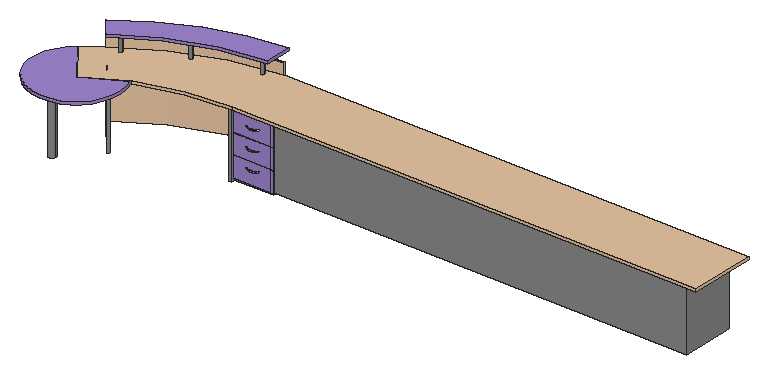
Revit family
Parameters (values of type "Desk - Reception")
  Material Frame = Metal - Paint Grey
  Material Draws and Tops = Paint - Violet
  Material Desk = Wood - Cherry
  Keynote = "N"
  Assembly Code = "E2020200"
  Counter Top = 1000 mm
  Table Height = 760 mm
Reference planes
  plane 1 "Center F/B": y = 0
  plane 2: z = 0
  plane 3 "Center L/R": x = 0
  plane 4: x = -1750
  plane 5: y = 740
  plane 6: x = 450
  plane 7 "Table \top": z = 760
  plane 8: z = 730
  plane 9: through (-681.418, 888.744, 0) normal (0.6085, -0.7936, 0)
  plane 10: y = 515
  plane 11: y = 815
  plane 12: z = 1000
  plane 13: z = 970
  plane 14: z = 885
  plane 15: z = 0
  plane 16: z = 30
  plane 17: y = 40
  plane 18: z = 263.333
  plane 19: z = 496.667
  plane 20 "Bottom Handle": z = 188.333
  plane 21: x = 225
  plane 22: x = 155
  plane 23: x = 295
  plane 24: z = 421.667
  plane 25: z = 655
  plane 26: x = 225
  plane 27: x = 155
  plane 28: x = 295
  plane 29: x = 225
  plane 30: x = 155
  plane 31: x = 295
  plane 32: z = 268.333
  plane 33: z = 501.667
Forms (mm)
  Extrusion 1, solid, material "Paint - Violet" <- "Material Draws and Tops"
    sketch origin (0, 0, 0) x (1, 0, 0) y (0, 1, 0)
      loop
        arc (-1750, 0) -> (-1567.486, -881.752) -> (-990.226, -190.689) r 500
        arc (-990.226, -190.689) -> (-1211.934, -298.545) -> (-1421.433, -428.536) r 2404.699
        line (-1421.433, -428.536) -> (-1750, 0)
    from 730 to 760
  Extrusion 2, solid, material "Wood - Cherry" <- "Material Desk"
    sketch origin (0, 0, 0) x (1, 0, 0) y (0, 1, 0)
      loop
        arc (0, 740) -> (-935.131, 512.203) -> (-1750, 0) r 3000
        line (-1750, 0) -> (-1421.433, -428.536)
        arc (-1421.433, -428.536) -> (-744.616, -101.826) -> (0, 0) r 2404.699
        line (0, 0) -> (0, 740)
    from 730 to 760
  Extrusion 3, solid, material "Paint - Violet" <- "Material Draws and Tops"
    sketch origin (0, 0, 0) x (1, 0, 0) y (0, 1, 0)
      loop
        arc (0, 815) -> (-844.129, 631.445) -> (-1588.573, 193.209) r 2728.559
        line (-1588.573, 193.209) -> (-1429.073, 0.355)
        arc (-1429.073, 0.355) -> (-752.954, 364.355) -> (0, 515) r 2600.156
        line (0, 515) -> (0, 815)
    from 970 to 1000
  Extrusion 4, solid, material "Metal - Paint Grey" <- "Material Frame"
    sketch origin (0, 0, 0) x (1, 0, 0) y (0, 1, 0)
      loop
        circle (-1399.099, 175.163) r 20
      loop
        circle (-162.557, 651.832) r 20
      loop
        circle (-837.953, 472.7) r 20
    from 760 to 970
  Extrusion 5, solid, material "Wood - Cherry" <- "Material Desk"
    sketch origin (0, 0, 0) x (1, 0, 0) y (0, 1, 0)
      loop
        line (0, 740) -> (0, 765)
        arc (0, 765) -> (-829.824, 586.473) -> (-1573.121, 176.607) r 2917.014
        line (-1573.121, 176.607) -> (-1558.36, 155.335)
        arc (-1558.36, 155.335) -> (-820.539, 557.905) -> (0, 740) r 3000
    from 0 to 885
  Extrusion 6, solid, material "Metal - Paint Grey" <- "Material Frame"
    sketch origin (0, 0, 0) x (1, 0, 0) y (0, 1, 0)
      loop
        line (0, 0) -> (0, 740) -> (-30, 740) -> (-30, 0) -> (0, 0)
      loop
        line (-1557.673, 155.847) -> (-1191.212, -287.247) -> (-1168.094, -268.128) -> (-1533.502, 173.693) -> (-1557.673, 155.847)
    from 0 to 730
  Extrusion 7, solid, material "Metal - Paint Grey" <- "Material Frame"
    sketch origin (104.058, 65.801, 0) x (1, 0, 0) y (0, 1, 0)
      loop
        circle (-1637.925, -699.485) r 40
    from 0 to 730
  Extrusion 8, solid, material "Wood - Cherry" <- "Material Desk"
    sketch origin (0, 0, 0) x (1, 0, 0) y (0, 1, 0)
      loop
        line (0, 740) -> (0, 0) -> (5289.796, 0) -> (5289.796, 740) -> (0, 740)
    from 730 to 760
  Extrusion 9, solid, material "Metal - Paint Grey" <- "Material Frame"
    sketch origin (0, 0, 0) x (1, 0, 0) y (0, 1, 0)
      loop
        line (0, 640) -> (0, 40) -> (450, 40) -> (450, 640) -> (0, 640)
    from 0 to 30
  Extrusion 10, solid, material "Paint - Violet" <- "Material Draws and Tops"
    sketch origin (0, 0, 0) x (1, 0, 0) y (0, 1, 0)
      loop
        line (0, 40) -> (0, 35)
        arc (0, 35) -> (4.393, 24.393) -> (15, 20) r 15
        line (15, 20) -> (435, 20)
        arc (435, 20) -> (445.607, 24.393) -> (450, 35) r 15
        line (450, 35) -> (450, 40) -> (0, 40)
    from 30 to 263.333
  Sweep 11, solid
    path origin (0, 0, 188.333) x (0, -1, 0) y (1, 0, 0)
      loop
        arc (-20, 155) -> (11.065, 225) -> (-20, 295) r 94.4
    profile origin (225, 0, 189) x (0, 1, 0) y (0, 0, 1)
      loop
        circle (-11.065, -0.667) r 2
  Sweep 12, solid
    path origin (0, 0, 395) x (0, -1, 0) y (1, 0, 0)
      loop
        arc (-20, 155) -> (11.065, 225) -> (-20, 295) r 94.4
    profile origin (225, 0, 395) x (0, 1, 0) y (0, 0, 1)
      loop
        circle (-11.065, 0) r 2
  Sweep 13, solid
    path origin (0, 0, 615) x (0, -1, 0) y (1, 0, 0)
      loop
        arc (-20, 155) -> (11.065, 225) -> (-20, 295) r 94.4
    profile origin (225, 0, 615) x (0, 1, 0) y (0, 0, 1)
      loop
        circle (-11.065, 0) r 2
  Extrusion 14, solid, material "Paint - Violet" <- "Material Draws and Tops"
    sketch origin (0, 0, 0) x (1, 0, 0) y (0, 1, 0)
      loop
        line (450, 40) -> (0, 40) -> (0, 35)
        arc (0, 35) -> (4.393, 24.393) -> (15, 20) r 15
        line (15, 20) -> (435, 20)
        arc (435, 20) -> (445.607, 24.393) -> (450, 35) r 15
        line (450, 35) -> (450, 40)
    from 255 to 496.667
  Extrusion 15, solid, material "Paint - Violet" <- "Material Draws and Tops"
    sketch origin (0, 0, 0) x (1, 0, 0) y (0, 1, 0)
      loop
        line (450, 40) -> (0, 40) -> (0, 35)
        arc (0, 35) -> (4.393, 24.393) -> (15, 20) r 15
        line (15, 20) -> (435, 20)
        arc (435, 20) -> (445.607, 24.393) -> (450, 35) r 15
        line (450, 35) -> (450, 40)
    from 501.667 to 730
  Extrusion 16, solid, material "Metal - Paint Grey" <- "Material Frame"
    sketch origin (0, 0, 188.333) x (0, -1, 0) y (1, 0, 0)
      loop
        line (-640, 0) -> (-40, 0) -> (-40, 25) -> (-615, 25) -> (-615, 425) -> (-40, 425) -> (-40, 5153.297) -> (-640, 5153.297) -> (-640, 0)
    from -158.333 to 541.667
Cuts and joins
  joined: Extrusion 2, Extrusion 5, Extrusion 8
Lines and regions (mm)
  Masking region 1
    outline origin (0, 0, 0) x (1, 0, 0) y (0, 1, 0)
      loop
        arc (-1750, 0) -> (-1567.486, -881.752) -> (-990.226, -190.689) r 500
        arc (-990.226, -190.689) -> (-505.221, -42.854) -> (0, 0) r 2404.699
        line (0, 0) -> (6900, 0) -> (6900, 740) -> (0, 740) -> (0, 815)
        arc (0, 815) -> (-844.129, 631.445) -> (-1588.573, 193.209) r 2728.559
        line (-1588.573, 193.209) -> (-1557.673, 155.847)
        arc (-1557.673, 155.847) -> (-1655.444, 79.908) -> (-1750, 0) r 3000
  symbolic lines
    curve 1: arc (-1557.673, 155.847, 0) -> (-1655.444, 79.908, 0) -> (-1750, 0, 0) r 3000
    curve 2: line (-1750, 0, 0) -> (-1421.433, -428.536, 0)
    curve 3: arc (-1421.433, -428.536, 0) -> (-1211.934, -298.545, 0) -> (-990.226, -190.689, 0) r 2404.699
    curve 4: line (0, 815, 0) -> (0, 0, 0)
    curve 5: line (0, 740, 0) -> (450, 740, 0)
    curve 6: line (450, 740, 0) -> (450, 0, 0)
    curve 7: line (450, 0, 0) -> (0, 0, 0)
    curve 8: arc (-1429.073, 0.355, 0) -> (-752.954, 364.355, 0) -> (0, 515, 0) r 2600.156
    curve 9: line (-1588.573, 193.209, 0) -> (-1429.073, 0.355, 0)
Dimensions and locks
  "Table Height": plane 7 "Table \top" to plane 2
  locked: plane 7 "Table \top" to plane 8 at 30
  "Counter Top": plane 12 to level
  locked: plane 12 to plane 13 at 30
  locked: plane 13 to plane 14 at 85
  plane 16 to plane 15 to plane 2 = 30 mm locked, 0 mm locked
  equal spacing: plane 8, plane 19, plane 18, plane 16
  locked: plane 18 to plane 20 "Bottom Handle" at 75
  locked: plane 8 to plane 25 at 75
  locked: plane 19 to plane 24 at 75
  locked: plane 32 to plane 18 at 5
  locked: plane 33 to plane 19 at 5
  aligned and locked: Extrusion 1 sketch curve to curve 2
  aligned and locked: Extrusion 1 sketch curve to curve 3
  aligned and locked: Extrusion 1 to plane 7 "Table \top"
  aligned and locked: Extrusion 1 to plane 8
  aligned and locked: Extrusion 2 sketch curve to curve 1
  aligned and locked: Extrusion 2 sketch curve to Extrusion 1
  aligned and locked: Extrusion 2 sketch curve to curve 3
  aligned and locked: curve 4 to Extrusion 2 sketch curve
  aligned and locked: Extrusion 2 to plane 7 "Table \top"
  aligned and locked: Extrusion 2 to plane 8
  aligned and locked: Extrusion 3 sketch curve to curve 8
  aligned and locked: Extrusion 3 sketch curve to curve 9
  aligned and locked: Extrusion 3 sketch curve to curve 4
  aligned and locked: Extrusion 3 to plane 12
  aligned and locked: plane 13 to Extrusion 3
  aligned and locked: Extrusion 4 to plane 13
  aligned and locked: plane 7 "Table \top" to Extrusion 4
  aligned and locked: Extrusion 5 sketch curve to Extrusion 2
  aligned and locked: plane 14 to Extrusion 5
  aligned and locked: plane 8 to Extrusion 6
  aligned and locked: plane 8 to Extrusion 7
  aligned and locked: Extrusion 8 sketch curve to curve 5
  aligned and locked: Extrusion 8 sketch curve to curve 7
  aligned and locked: Extrusion 8 sketch curve to Extrusion 2
  aligned and locked: Extrusion 9 to plane 16
  aligned and locked: plane 15 to Extrusion 9
  aligned and locked: plane 3 "Center L/R" to Extrusion 10 sketch curve
  aligned and locked: plane 6 to Extrusion 10 sketch curve
  aligned and locked: plane 16 to Extrusion 10
  aligned and locked: Extrusion 10 to plane 18
  aligned and locked: plane 17 to Extrusion 9 sketch curve
  aligned and locked: plane 22 to Sweep 11 sketch curve
  aligned and locked: plane 23 to Sweep 11 sketch curve
  aligned and locked: plane 27 to Sweep 12 sketch curve
  aligned and locked: plane 28 to Sweep 12 sketch curve
  aligned and locked: plane 30 to Sweep 13 sketch curve
  aligned and locked: plane 31 to Sweep 13 sketch curve
  aligned and locked: Extrusion 14 to plane 19
  aligned and locked: plane 8 to Extrusion 15
  aligned and locked: plane 33 to Extrusion 15
  aligned and locked: Extrusion 16 sketch curve to Extrusion 9  (x2)
  aligned and locked: Extrusion 9 to Extrusion 16 sketch curve
Automatic sketch dimensions
  curve 9 to plane 9 = 0 mm
  curve 4 to plane 1 "Center F/B" = 0 mm
  curve 4 to plane 3 "Center L/R" = 0 mm
  curve 6 to plane 5 = 0 mm
  curve 6 to plane 6 = 0 mm
  curve 8 to plane 10 = 0 mm
  curve 4 to plane 11 = 0 mm
  plane 4 to curve 9 = 161.427 mm
  curve 9 to curve 1 = 30.9 mm
  curve 9 to plane 1 "Center F/B" = 0.355 mm
  curve 1 to curve 9 = 128.599 mm
  curve 3 to plane 3 "Center L/R" = 50.501 mm
  plane 3 "Center L/R" to curve 8 = 128.04 mm
  curve 8 to curve 1 = 105.234 mm
  plane 9 to Extrusion 4 sketch curve = 117.439 mm
  Extrusion 4 sketch curve to plane 1 "Center F/B" = 175.163 mm
  Extrusion 4 sketch curve to Extrusion 4 sketch curve = 20 mm  (x3)
  Extrusion 4 sketch curve to plane 10 = 42.3 mm
  plane 9 to Extrusion 4 sketch curve = 222.751 mm
  Extrusion 4 sketch curve to plane 3 "Center L/R" = 182.557 mm
  Extrusion 4 sketch curve to plane 5 = 88.168 mm
  Extrusion 5 sketch curve to plane 3 "Center L/R" = 0 mm
  plane 9 to Extrusion 5 sketch curve = 48.439 mm
  plane 9 to Extrusion 5 sketch curve = 22.578 mm
  Extrusion 5 sketch curve to plane 1 "Center F/B" = 176.607 mm
  Extrusion 5 sketch curve to Extrusion 5 sketch curve = 41.191 mm
  Extrusion 5 sketch curve to Extrusion 5 sketch curve = 105.234 mm
  plane 4 to Extrusion 7 sketch curve = 176.132 mm
  Extrusion 7 sketch curve to Extrusion 7 sketch curve = 40 mm
  plane 1 "Center F/B" to Extrusion 7 sketch curve = 633.684 mm
  plane 3 "Center L/R" to Extrusion 10 sketch curve = 15 mm
  Extrusion 10 sketch curve to plane 1 "Center F/B" = 20 mm
  plane 6 to Extrusion 10 sketch curve = 15 mm
  Extrusion 10 sketch curve to Extrusion 10 sketch curve = 5 mm
  Sweep 11 sketch curve to plane 21 = 0 mm
  Sweep 11 sketch curve to plane 17 = 43.335 mm
  Sweep 11 sketch curve to plane 1 "Center F/B" = 20 mm
  Sweep 11 sketch curve to plane 20 "Bottom Handle" = 0 mm
  Sweep 11 sketch curve to profile plane = 0 mm
  profile plane to Sweep 11 sketch curve = 2 mm
  Sweep 12 sketch curve to plane 26 = 0 mm
  Sweep 12 sketch curve to profile plane = 0 mm
  profile plane to Sweep 12 sketch curve = 2 mm
  Sweep 13 sketch curve to plane 29 = 0 mm
  Sweep 13 sketch curve to profile plane = 0 mm
  profile plane to Sweep 13 sketch curve = 2 mm
  Extrusion 9 sketch curve to plane 5 = 100 mm
  Extrusion 14 sketch curve to plane 3 "Center L/R" = 0 mm
  Extrusion 14 sketch curve to plane 6 = 0 mm
  Extrusion 14 sketch curve to plane 17 = 0 mm
  plane 3 "Center L/R" to Extrusion 14 sketch curve = 15 mm
  plane 6 to Extrusion 14 sketch curve = 15 mm
  Extrusion 14 sketch curve to Extrusion 14 sketch curve = 5 mm
  Extrusion 15 sketch curve to plane 3 "Center L/R" = 0 mm
  Extrusion 15 sketch curve to plane 6 = 0 mm
  Extrusion 15 sketch curve to plane 17 = 0 mm
  plane 17 to Extrusion 15 sketch curve = 5 mm
  plane 3 "Center L/R" to Extrusion 15 sketch curve = 15 mm
  plane 6 to Extrusion 15 sketch curve = 15 mm
  Extrusion 16 sketch curve to Extrusion 16 sketch curve = 25 mm
  plane 3 "Center L/R" to Extrusion 16 sketch curve = 25 mm
  plane 6 to Extrusion 16 sketch curve = 25 mm
  Extrusion 16 sketch curve to plane 17 = 0 mm
  Extrusion 6 sketch curve to plane 1 "Center F/B" = 0 mm
  Extrusion 6 sketch curve to plane 5 = 0 mm
  Extrusion 6 sketch curve to plane 3 "Center L/R" = 0 mm
  plane 9 to Extrusion 6 sketch curve = 48.452 mm
  Extrusion 6 sketch curve to plane 1 "Center F/B" = 155.847 mm
  plane 9 to Extrusion 6 sketch curve = 48.996 mm
  Extrusion 6 sketch curve to plane 1 "Center F/B" = 173.693 mm
  plane 1 "Center F/B" to Extrusion 6 sketch curve = 287.247 mm
  Extrusion 6 sketch curve to plane 3 "Center L/R" = 30 mm
  Extrusion 6 sketch curve to Extrusion 6 sketch curve = 342.29 mm
  Masking region 1 sketch curve to plane 1 "Center F/B" = 0 mm  (x2)
  Masking region 1 sketch curve to plane 4 = 0 mm
  plane 4 to Masking region 1 sketch curve = 304.229 mm
  plane 1 "Center F/B" to Masking region 1 sketch curve = 190.689 mm
  Masking region 1 sketch curve to Masking region 1 sketch curve = 455.545 mm
  Masking region 1 sketch curve to plane 3 "Center L/R" = 50.501 mm
  Masking region 1 sketch curve to Masking region 1 sketch curve = 206.104 mm
  Masking region 1 sketch curve to plane 3 "Center L/R" = 0 mm  (x2)
  Masking region 1 sketch curve to plane 5 = 0 mm
  Masking region 1 sketch curve to plane 6 = 6450 mm
  plane 10 to Masking region 1 sketch curve = 225 mm
  Masking region 1 sketch curve to plane 11 = 0 mm
  plane 3 "Center L/R" to Masking region 1 sketch curve = 150.399 mm
  Masking region 1 sketch curve to Masking region 1 sketch curve = 30.9 mm
  plane 6 to Masking region 1 sketch curve = 216.727 mm
  Masking region 1 sketch curve to Masking region 1 sketch curve = 153.252 mm
  Masking region 1 sketch curve to plane 1 "Center F/B" = 155.847 mm
  Masking region 1 sketch curve to Masking region 1 sketch curve = 0 mm
  Masking region 1 sketch curve to plane 9 = 0 mm
  Masking region 1 sketch curve to plane 17 = 153.209 mm
  curve 1 to plane 1 "Center F/B" = 0 mm
  curve 1 to plane 4 = 0 mm
  plane 4 to curve 2 = 328.567 mm
  curve 3 to curve 1 = 153.252 mm
  plane 1 "Center F/B" to curve 3 = 190.689 mm
  curve 8 to curve 3 = 438.847 mm
  Extrusion 9 sketch curve to plane 3 "Center L/R" = 0 mm
  Extrusion 9 sketch curve to plane 6 = 0 mm
  Extrusion 8 sketch curve to plane 6 = 4839.796 mm
  Extrusion 16 sketch curve to plane 6 = 4703.297 mm
